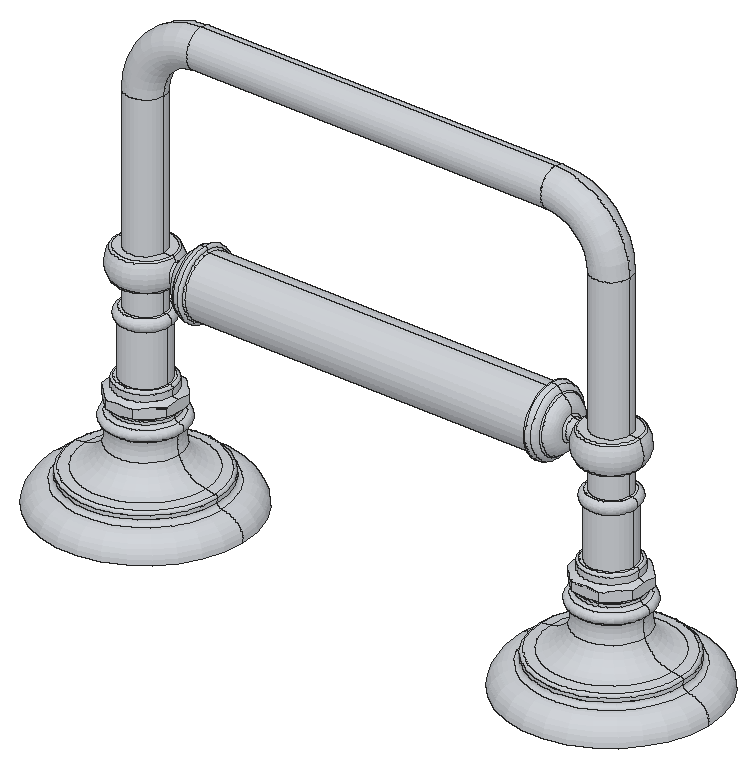
Revit family "Accessory-Tissue_Holder-KOHLER-Artifacts-K-72573", category Specialty Equipment, host Face, Revit 2015 (continued)
Definition of nested family "K-72573"
  Automatic sketch dimensions
    plane 6 to curve 37 = 0.30901"
    curve 38 to curve 38 = 0.128"
    curve 37 to curve 6 = 0.06183"
    curve 2 to curve 12 = 0.15812"
    curve 1 to curve 12 = 0.15812"
    curve 38 to curve 7 = 0.10615"
    curve 6 to curve 37 = 0.06616"
    curve 7 to curve 38 = 0.02185"
    curve 7 to curve 8 = 0.02663"
    curve 8 to curve 9 = 0.03062"
    curve 12 to curve 13 = 0.12953"
    curve 13 to curve 14 = 0.13774"
    curve 14 to curve 15 = 0.15454"
    curve 10 to plane 10 = 0.38101"
    curve 10 to curve 11 = 0.0947"
    curve 26 to plane 12 = 0.28631"
    curve 26 to curve 25 = 0.0947"
    curve 30 to plane 12 = 0.4826"
    curve 30 to curve 29 = 0.15454"
    curve 29 to curve 28 = 0.13774"
    curve 24 to curve 40 = 0.2914"
    curve 24 to curve 23 = 0.03062"
    curve 23 to curve 40 = 0.00478"
    curve 39 to curve 40 = 0"
    curve 40 to curve 22 = 0.02185"
    curve 28 to curve 27 = 0.1294"
    curve 28 to curve 27 = 0.12953"
    curve 39 to curve 21 = 0.06616"
    curve 21 to curve 39 = 0.06183"
    curve 22 to curve 40 = 0.10615"
    curve 21 to curve 20 = 0.06824"
    curve 40 to curve 19 = 0.0064"
    curve 27 to curve 17 = 0.15824"
    curve 19 to curve 18 = 0.05264"
    curve 27 to curve 16 = 0.15812"
    curve 17 to plane 5 = 0.24996"
    curve 18 to plane 5 = 0.24996"
    curve 16 to plane 5 = 0.24996"
    curve 18 to curve 19 = 0.05264"
    curve 42 to curve 20 = 0.12159"
    curve 45 to plane 5 = 0.30901"
    curve 19 to curve 46 = 0.0064"
    curve 45 to curve 21 = 0.06183"
    curve 46 to curve 22 = 0.10615"
    curve 21 to curve 45 = 0.06616"
    curve 22 to curve 46 = 0.02185"
    curve 22 to curve 23 = 0.02663"
    curve 23 to curve 24 = 0.03062"
    curve 25 to plane 11 = 0.38101"
    curve 25 to curve 26 = 0.0947"
    level to curve 10 = 0.44613"
    level to curve 25 = 0.44613"
    curve 11 to curve 10 = 0.15031"
    curve 26 to curve 25 = 0.15031"
    curve 31 to curve 34 = 0"
    curve 37 to curve 34 = 0"
    curve 39 to curve 42 = 0"
    curve 45 to curve 42 = 0"
    curve 24 to curve 40 = 0.26012"
    curve 9 to curve 32 = 0.26012"
    curve 24 to curve 23 = 0.1147"
    curve 9 to curve 8 = 0.1147"
    curve 7 to curve 38 = 0.0334"
    curve 22 to curve 46 = 0.0334"
    curve 22 to curve 40 = 0.01262"
    curve 22 to curve 46 = 0.01262"
    curve 7 to curve 38 = 0.01262"
    curve 7 to curve 32 = 0.01262"
    curve 31 to curve 31 = 0.01756"
    curve 37 to curve 37 = 0.01756"
    curve 39 to curve 39 = 0.01756"
    curve 45 to curve 45 = 0.01756"
    curve 39 to curve 21 = 0.03227"
    curve 37 to curve 6 = 0.03227"
    curve 6 to curve 5 = 0.11707"
    curve 21 to curve 20 = 0.11707"
    curve 32 to curve 35 = 0"
    curve 46 to curve 43 = 0"
    curve 40 to curve 43 = 0"
    curve 38 to curve 35 = 0"
    curve 38 to curve 4 = 0.17833"
    curve 40 to curve 19 = 0.17833"
    curve 4 to curve 3 = 0.15043"
    curve 19 to curve 18 = 0.15043"
    curve 3 to curve 15 = 0.12436"
    curve 18 to curve 30 = 0.12436"
    curve 15 to curve 14 = 0.04159"
    curve 30 to curve 29 = 0.04159"
    curve 18 to curve 17 = 0.35144"
    curve 3 to curve 2 = 0.35144"
    curve 14 to curve 13 = 0.21004"
    curve 29 to curve 28 = 0.21004"
    curve 13 to curve 12 = 0.03382"
    curve 28 to curve 27 = 0.0348"
    curve 12 to curve 13 = 0.03382"
    curve 27 to curve 28 = 0.03382"
    curve 27 to curve 16 = 0.05836"
    curve 2 to curve 1 = 0.37712"
    curve 28 to curve 29 = 0.21004"
    curve 13 to curve 14 = 0.21004"
    curve 14 to curve 15 = 0.04159"
    curve 29 to curve 30 = 0.04159"
    plane 9 to Revolve 1 sketch curve = 0"
    Revolve 1 sketch curve to level = 0"
    Revolve 1 sketch curve to plane 6 = 0"
    Revolve 1 sketch curve to plane 9 = 0.28423"
    Revolve 1 sketch curve to plane 9 = 0.29598"
    Revolve 1 sketch curve to Revolve 1 sketch curve = 0.06371"
    Revolve 1 sketch curve to Revolve 1 sketch curve = 0.03936"
    Revolve 1 sketch curve to plane 9 = 0.43721"
    Revolve 1 sketch curve to Revolve 1 sketch curve = 0.0876"
    Revolve 1 sketch curve to Revolve 1 sketch curve = 0.21459"
    Revolve 1 sketch curve to Revolve 1 sketch curve = 0.30013"
    Revolve 1 sketch curve to Revolve 1 sketch curve = 0.03867"
    Revolve 1 sketch curve to Revolve 1 sketch curve = 0.01218"
    Revolve 1 sketch curve to Revolve 1 sketch curve = 0.00865"
    Revolve 1 sketch curve to Revolve 1 sketch curve = 0.0129"
    Revolve 1 sketch curve to Revolve 1 sketch curve = 11/256"
    Revolve 1 sketch curve to Revolve 1 sketch curve = 0.04431"
    Revolve 1 sketch curve to plane 6 = 0.35791"
    Revolve 1 sketch curve to Revolve 1 sketch curve = 0.00291"
    Revolve 1 sketch curve to Revolve 1 sketch curve = 0.03197"
    Revolve 1 sketch curve to Revolve 1 sketch curve = 0.03626"
    Revolve 1 sketch curve to Revolve 1 sketch curve = 0.01287"
    Revolve 1 sketch curve to Revolve 1 sketch curve = 0.03681"
    Revolve 1 sketch curve to Revolve 1 sketch curve = 0.03977"
    Revolve 1 sketch curve to plane 6 = 0.11545"
    Revolve 1 sketch curve to plane 3 "Center (Left/Right)" = 0.76328"
    Revolve 1 sketch curve to level = 19.89361"
    level to Revolve 1 sketch curve = 0.3595"
    Revolve 1 sketch curve to Revolve 1 sketch curve = 0.04778"
    Revolve 1 sketch curve to Revolve 1 sketch curve = 0.43263"
    Revolve 1 sketch curve to Revolve 1 sketch curve = 0.03243"
    Revolve 1 sketch curve to Revolve 1 sketch curve = 0.10655"
    Revolve 1 sketch curve to Revolve 1 sketch curve = 0.09067"
    Revolve 1 sketch curve to Revolve 1 sketch curve = 0.10221"
    Revolve 1 sketch curve to Revolve 1 sketch curve = 0.03754"
    Revolve 1 sketch curve to Revolve 1 sketch curve = 0.09119"
    Revolve 1 sketch curve to Revolve 1 sketch curve = 0.18983"
    Revolve 1 sketch curve to Revolve 1 sketch curve = 0.0851"
    Revolve 1 sketch curve to Revolve 1 sketch curve = 0.68254"
    Revolve 1 sketch curve to Revolve 1 sketch curve = 0.07262"
    Revolve 1 sketch curve to Revolve 1 sketch curve = 0.35144"
    Revolve 1 sketch curve to Revolve 1 sketch curve = 0.03691"
    Revolve 1 sketch curve to Revolve 1 sketch curve = 0.18842"
    Revolve 1 sketch curve to Revolve 1 sketch curve = 0.15745"
    Revolve 1 sketch curve to Revolve 1 sketch curve = 1/32"
    Revolve 1 sketch curve to Revolve 1 sketch curve = 0"  (x5)
    Revolve 1 sketch curve to Revolve 1 sketch curve = 0.01514"
    Revolve 1 sketch curve to Revolve 1 sketch curve = 0.18262"
    plane 1 "Center (Front/Back)" to Extrusion 2 sketch curve = 0"
    Extrusion 2 sketch curve to plane 6 = 0"
    Extrusion 2 sketch curve to plane 6 = 0.18101"  (x2)
    plane 1 "Center (Front/Back)" to Extrusion 2 sketch curve = 0.18101"  (x2)
    Extrusion 2 sketch curve to Extrusion 2 sketch curve = 0.25599"  (x3)
    plane 6 to Extrusion 2 sketch curve = 0.18101"  (x2)
    Extrusion 2 sketch curve to plane 1 "Center (Front/Back)" = 0.18101"  (x2)
    plane 1 "Center (Front/Back)" to Extrusion 2 sketch curve = 0.43701"
    Revolve 3 sketch curve to plane 6 = 0"
    plane 13 to Revolve 3 sketch curve = 0.34148"
    plane 13 to Revolve 3 sketch curve = 0.20748"
    plane 13 to Revolve 3 sketch curve = 0.12918"
    plane 13 to Revolve 3 sketch curve = 0.08355"
    plane 13 to Revolve 3 sketch curve = 0.04796"
    plane 13 to Revolve 3 sketch curve = 0.00674"
    plane 14 to Revolve 3 sketch curve = 0.00674"
    plane 14 to Revolve 3 sketch curve = 0.04796"
    Revolve 3 sketch curve to Revolve 3 sketch curve = 0.03559"
    Revolve 3 sketch curve to Revolve 3 sketch curve = 0.12244"
    Revolve 3 sketch curve to Revolve 3 sketch curve = 0.12393"
    Revolve 3 sketch curve to Revolve 3 sketch curve = 0.21231"
    level to Revolve 3 sketch curve = 2.9274"
    Revolve 3 sketch curve to Revolve 3 sketch curve = 0.1302"  (x2)
    Revolve 3 sketch curve to Revolve 3 sketch curve = 0.01609"  (x2)
    Revolve 3 sketch curve to Revolve 3 sketch curve = 0.03091"  (x2)
    Revolve 3 sketch curve to Revolve 3 sketch curve = 0.0349"  (x2)
    Revolve 3 sketch curve to Revolve 3 sketch curve = 0.16364"  (x2)
    Revolve 3 sketch curve to Revolve 3 sketch curve = 0.04052"  (x2)
    Revolve 3 sketch curve to Revolve 3 sketch curve = 0.04929"
    Revolve 3 sketch curve to Revolve 3 sketch curve = 0.01865"  (x2)
    Revolve 3 sketch curve to Revolve 3 sketch curve = 0.00751"  (x2)
    plane 6 to Revolve 3 sketch curve = 1/4"
    Revolve 3 sketch curve to Revolve 3 sketch curve = 0"  (x11)
    Sweep 4 sketch curve to plane 10 = 0.5627"
    Sweep 4 sketch curve to plane 10 = 9/16"
    Sweep 4 sketch curve to plane 12 = 9/16"
    Sweep 4 sketch curve to plane 12 = 0.5627"
    Sweep 4 sketch curve to Sweep 4 sketch curve = 1.89971"  (x2)
    plane 1 "Center (Front/Back)" to Sweep 4 sketch curve = 0"
    Sweep 4 sketch curve to profile plane = 0"
    plane 1 "Center (Front/Back)" to Extrusion 5 sketch curve = 0"
    Extrusion 5 sketch curve to plane 5 = 0"
    plane 5 to Extrusion 5 sketch curve = 0.18101"  (x2)
    Extrusion 5 sketch curve to plane 1 "Center (Front/Back)" = 0.18101"  (x2)
    Extrusion 5 sketch curve to Extrusion 5 sketch curve = 0.25599"  (x3)
    Extrusion 5 sketch curve to plane 5 = 0.18101"  (x2)
    plane 1 "Center (Front/Back)" to Extrusion 5 sketch curve = 0.18101"  (x2)
    Extrusion 5 sketch curve to plane 1 "Center (Front/Back)" = 0.43701"
    Revolve 6 sketch curve to plane 11 = 0"
    Revolve 6 sketch curve to level = 0"
    plane 5 to Revolve 6 sketch curve = 0"
    plane 11 to Revolve 6 sketch curve = 0.28423"
    Revolve 6 sketch curve to Revolve 6 sketch curve = 0.29598"
    Revolve 6 sketch curve to Revolve 6 sketch curve = 0.06371"
    Revolve 6 sketch curve to Revolve 6 sketch curve = 0.03936"
    plane 11 to Revolve 6 sketch curve = 0.43721"
    Revolve 6 sketch curve to Revolve 6 sketch curve = 0.0876"
    Revolve 6 sketch curve to Revolve 6 sketch curve = 0.21459"
    Revolve 6 sketch curve to Revolve 6 sketch curve = 0.30013"
    Revolve 6 sketch curve to Revolve 6 sketch curve = 0.03867"
    Revolve 6 sketch curve to Revolve 6 sketch curve = 0.01218"
    Revolve 6 sketch curve to Revolve 6 sketch curve = 0.00865"
    Revolve 6 sketch curve to Revolve 6 sketch curve = 0.0129"
    Revolve 6 sketch curve to Revolve 6 sketch curve = 11/256"
    Revolve 6 sketch curve to Revolve 6 sketch curve = 0.04431"
    plane 5 to Revolve 6 sketch curve = 0.35791"
    Revolve 6 sketch curve to Revolve 6 sketch curve = 0.00291"
    Revolve 6 sketch curve to Revolve 6 sketch curve = 0.03197"
    Revolve 6 sketch curve to Revolve 6 sketch curve = 0.03626"
    Revolve 6 sketch curve to Revolve 6 sketch curve = 0.01287"
    Revolve 6 sketch curve to Revolve 6 sketch curve = 0.02394"
    Revolve 6 sketch curve to Revolve 6 sketch curve = 0.03977"
    plane 5 to Revolve 6 sketch curve = 0.11545"
    Revolve 6 sketch curve to plane 3 "Center (Left/Right)" = 0.76328"
    level to Revolve 6 sketch curve = 19.89361"
    Revolve 6 sketch curve to level = 0.3595"
    Revolve 6 sketch curve to Revolve 6 sketch curve = 0.04778"
    Revolve 6 sketch curve to Revolve 6 sketch curve = 0.43263"
    Revolve 6 sketch curve to Revolve 6 sketch curve = 0.03243"
    Revolve 6 sketch curve to Revolve 6 sketch curve = 0.10655"
    Revolve 6 sketch curve to Revolve 6 sketch curve = 0.09067"
    Revolve 6 sketch curve to Revolve 6 sketch curve = 0.10221"
    Revolve 6 sketch curve to Revolve 6 sketch curve = 0.03754"
    Revolve 6 sketch curve to Revolve 6 sketch curve = 0.09119"
    Revolve 6 sketch curve to Revolve 6 sketch curve = 0.18983"
    Revolve 6 sketch curve to Revolve 6 sketch curve = 0.0851"
    Revolve 6 sketch curve to Revolve 6 sketch curve = 0.68254"
    Revolve 6 sketch curve to Revolve 6 sketch curve = 0.07262"
    Revolve 6 sketch curve to Revolve 6 sketch curve = 0.35144"
    Revolve 6 sketch curve to Revolve 6 sketch curve = 0.03691"
    Revolve 6 sketch curve to Revolve 6 sketch curve = 0.18842"
    Revolve 6 sketch curve to Revolve 6 sketch curve = 0.15745"
    Revolve 6 sketch curve to Revolve 6 sketch curve = 1/32"
    Revolve 6 sketch curve to Revolve 6 sketch curve = 0"  (x5)
    Revolve 6 sketch curve to Revolve 6 sketch curve = 0.01514"
    Revolve 6 sketch curve to Revolve 6 sketch curve = 0.18262"
    Masking region 1 sketch curve to level = 0"  (x2)
    plane 9 to Masking region 1 sketch curve = 0"
    Masking region 1 sketch curve to plane 6 = 0"
    Masking region 1 sketch curve to plane 4 = 0"
    Masking region 1 sketch curve to plane 10 = 0"
    plane 12 to Masking region 1 sketch curve = 0"
    plane 5 to Masking region 1 sketch curve = 0"
    Masking region 1 sketch curve to plane 11 = 0"
    plane 9 to Masking region 1 sketch curve = 1.04922"
    Masking region 1 sketch curve to plane 9 = 0.28423"
    Masking region 1 sketch curve to plane 9 = 0.29598"
    Masking region 1 sketch curve to Masking region 1 sketch curve = 0.06371"  (x4)
    Masking region 1 sketch curve to Masking region 1 sketch curve = 0.03936"  (x4)
    Masking region 1 sketch curve to plane 9 = 0.43721"
    Masking region 1 sketch curve to Masking region 1 sketch curve = 0.0876"  (x4)
    Masking region 1 sketch curve to Masking region 1 sketch curve = 0.30013"  (x4)
    Masking region 1 sketch curve to Masking region 1 sketch curve = 0.03867"  (x4)
    Masking region 1 sketch curve to Masking region 1 sketch curve = 0.01188"  (x2)
    Masking region 1 sketch curve to Masking region 1 sketch curve = 0.0003"  (x2)
    Masking region 1 sketch curve to Masking region 1 sketch curve = 0.00097"  (x4)
    Masking region 1 sketch curve to Masking region 1 sketch curve = 0.03076"  (x3)
    Masking region 1 sketch curve to Masking region 1 sketch curve = 11/256"
    Masking region 1 sketch curve to Masking region 1 sketch curve = 0.06616"  (x3)
    Masking region 1 sketch curve to plane 6 = 0.35791"
    Masking region 1 sketch curve to Masking region 1 sketch curve = 0.00291"
    Masking region 1 sketch curve to Masking region 1 sketch curve = 0.03197"  (x4)
    Masking region 1 sketch curve to Masking region 1 sketch curve = 0.03626"  (x3)
    Masking region 1 sketch curve to Masking region 1 sketch curve = 0.01287"  (x2)
    Masking region 1 sketch curve to Masking region 1 sketch curve = 0.03681"  (x2)
    Masking region 1 sketch curve to Masking region 1 sketch curve = 0.10794"  (x4)
    Masking region 1 sketch curve to Masking region 1 sketch curve = 0.03977"  (x3)
    Masking region 1 sketch curve to plane 6 = 0.11545"
    plane 6 to Masking region 1 sketch curve = 0.11545"
    Masking region 1 sketch curve to Masking region 1 sketch curve = 0"  (x48)
    Masking region 1 sketch curve to Masking region 1 sketch curve = 0.13452"  (x3)
    plane 6 to Masking region 1 sketch curve = 0.24996"
    Masking region 1 sketch curve to Masking region 1 sketch curve = 0.01583"  (x2)
    plane 6 to Masking region 1 sketch curve = 0.30261"
    Masking region 1 sketch curve to Masking region 1 sketch curve = 0.10503"  (x3)
    Masking region 1 sketch curve to Masking region 1 sketch curve = 0.02289"  (x2)
    Masking region 1 sketch curve to Masking region 1 sketch curve = 0.01252"  (x3)
    Masking region 1 sketch curve to Masking region 1 sketch curve = 0.05017"  (x2)
    Masking region 1 sketch curve to Masking region 1 sketch curve = 0.05309"  (x2)
    Masking region 1 sketch curve to Masking region 1 sketch curve = 0.02948"  (x2)
    Masking region 1 sketch curve to Masking region 1 sketch curve = 0.01218"  (x2)
    Masking region 1 sketch curve to Masking region 1 sketch curve = 0.09876"  (x4)
    Masking region 1 sketch curve to Masking region 1 sketch curve = 0.134"  (x2)
    Masking region 1 sketch curve to Masking region 1 sketch curve = 0.21231"  (x4)
    Masking region 1 sketch curve to plane 10 = 0.56254"
    Masking region 1 sketch curve to Masking region 1 sketch curve = 0.00007"  (x2)
    Masking region 1 sketch curve to Masking region 1 sketch curve = 0.12393"  (x4)
    Masking region 1 sketch curve to Masking region 1 sketch curve = 0.03559"  (x4)
    Masking region 1 sketch curve to Masking region 1 sketch curve = 0.12244"  (x4)
    Masking region 1 sketch curve to Masking region 1 sketch curve = 0.04796"  (x4)
    Masking region 1 sketch curve to plane 10 = 0.3873"
    Masking region 1 sketch curve to Masking region 1 sketch curve = 0.29598"  (x3)
    Masking region 1 sketch curve to plane 3 "Center (Left/Right)" = 0.76328"
    plane 3 "Center (Left/Right)" to Masking region 1 sketch curve = 0.76328"
    Masking region 1 sketch curve to plane 12 = 0.28423"
    Masking region 1 sketch curve to plane 12 = 0.43721"
    Masking region 1 sketch curve to plane 12 = 0.46418"  (x2)
    Masking region 1 sketch curve to Masking region 1 sketch curve = 0.00674"  (x2)
    Masking region 1 sketch curve to plane 12 = 0.56246"
    plane 5 to Masking region 1 sketch curve = 0.30261"
    plane 5 to Masking region 1 sketch curve = 0.11545"
    Masking region 1 sketch curve to plane 5 = 0.11545"
    Masking region 1 sketch curve to plane 5 = 0.30261"
    Masking region 1 sketch curve to plane 11 = 0.3873"
    plane 11 to Masking region 1 sketch curve = 1.04922"
    Masking region 1 sketch curve to level = 19.89361"
    level to Masking region 1 sketch curve = 0.3595"  (x4)
    Masking region 1 sketch curve to Masking region 1 sketch curve = 0.04778"  (x4)
    Masking region 1 sketch curve to Masking region 1 sketch curve = 0.43263"  (x4)
    Masking region 1 sketch curve to Masking region 1 sketch curve = 0.03243"  (x4)
    Masking region 1 sketch curve to Masking region 1 sketch curve = 0.10655"  (x4)
    Masking region 1 sketch curve to Masking region 1 sketch curve = 0.09067"  (x4)
    Masking region 1 sketch curve to Masking region 1 sketch curve = 0.10221"  (x4)
    Masking region 1 sketch curve to Masking region 1 sketch curve = 0.03413"  (x4)
    Masking region 1 sketch curve to Masking region 1 sketch curve = 0.01792"  (x4)
    Masking region 1 sketch curve to Masking region 1 sketch curve = 0.14495"  (x4)
    Masking region 1 sketch curve to Masking region 1 sketch curve = 0.03227"  (x4)
    Masking region 1 sketch curve to Masking region 1 sketch curve = 0.0851"  (x4)
    Masking region 1 sketch curve to Masking region 1 sketch curve = 0.68254"  (x2)
    Masking region 1 sketch curve to Masking region 1 sketch curve = 0.07262"  (x4)
    Masking region 1 sketch curve to Masking region 1 sketch curve = 0.11973"  (x2)
    Masking region 1 sketch curve to Masking region 1 sketch curve = 0.00751"  (x4)
    Masking region 1 sketch curve to Masking region 1 sketch curve = 0.01865"  (x3)
    Masking region 1 sketch curve to Masking region 1 sketch curve = 0.03493"  (x2)
    Masking region 1 sketch curve to Masking region 1 sketch curve = 0.07545"  (x2)
    Masking region 1 sketch curve to Masking region 1 sketch curve = 0.35144"  (x3)
    Masking region 1 sketch curve to Masking region 1 sketch curve = 0.19677"
    Masking region 1 sketch curve to Masking region 1 sketch curve = 0.16364"  (x4)
    Masking region 1 sketch curve to Masking region 1 sketch curve = 0.02745"  (x2)
    Masking region 1 sketch curve to Masking region 1 sketch curve = 0.03691"  (x4)
    Masking region 1 sketch curve to Masking region 1 sketch curve = 0.0349"  (x4)
    Masking region 1 sketch curve to Masking region 1 sketch curve = 0.02145"  (x2)
    Masking region 1 sketch curve to Masking region 1 sketch curve = 0.18842"  (x2)
    Masking region 1 sketch curve to Masking region 1 sketch curve = 0.00028"  (x2)
    Masking region 1 sketch curve to Masking region 1 sketch curve = 0.26039"  (x2)
    Masking region 1 sketch curve to Masking region 1 sketch curve = 0.29257"  (x2)
    Masking region 1 sketch curve to Masking region 1 sketch curve = 0.02711"  (x2)
    Masking region 1 sketch curve to Masking region 1 sketch curve = 0.15745"  (x2)
    Masking region 1 sketch curve to Masking region 1 sketch curve = 0.03091"  (x2)
    Masking region 1 sketch curve to Masking region 1 sketch curve = 1/32"  (x4)
    Masking region 1 sketch curve to Masking region 1 sketch curve = 0.04052"  (x2)
    Masking region 1 sketch curve to Masking region 1 sketch curve = 0.04929"
    Masking region 1 sketch curve to Masking region 1 sketch curve = 0.01514"  (x2)
    Masking region 1 sketch curve to Masking region 1 sketch curve = 0.02124"  (x2)
    plane 1 "Center (Front/Back)" to Masking region 2 sketch curve = 0"  (x2)
    Masking region 2 sketch curve to plane 6 = 0"
    Masking region 2 sketch curve to plane 5 = 0"
    Masking region 2 sketch curve to plane 10 = 0.06057"  (x2)
    Masking region 2 sketch curve to plane 12 = 0.06057"
    plane 1 "Center (Front/Back)" to Masking region 2 sketch curve = 0.39411"
    Masking region 3 sketch curve to Masking region 3 sketch curve = 0"  (x12)
    Masking region 3 sketch curve to level = 0"
    Masking region 3 sketch curve to plane 8 = 0"
    Masking region 3 sketch curve to plane 1 "Center (Front/Back)" = 0"  (x3)
    Masking region 3 sketch curve to plane 7 = 0"
    plane 8 to Masking region 3 sketch curve = 1.04922"
    Masking region 3 sketch curve to plane 8 = 0.28423"
    Masking region 3 sketch curve to plane 8 = 0.29598"
    Masking region 3 sketch curve to Masking region 3 sketch curve = 0.06371"  (x2)
    Masking region 3 sketch curve to Masking region 3 sketch curve = 0.03936"  (x2)
    Masking region 3 sketch curve to plane 8 = 0.43721"
    Masking region 3 sketch curve to Masking region 3 sketch curve = 0.0876"  (x2)
    Masking region 3 sketch curve to Masking region 3 sketch curve = 0.30013"  (x2)
    Masking region 3 sketch curve to Masking region 3 sketch curve = 0.03867"  (x2)
    Masking region 3 sketch curve to Masking region 3 sketch curve = 0.01188"
    Masking region 3 sketch curve to Masking region 3 sketch curve = 0.0003"
    Masking region 3 sketch curve to Masking region 3 sketch curve = 0.00097"  (x2)
    Masking region 3 sketch curve to Masking region 3 sketch curve = 0.03076"
    Masking region 3 sketch curve to Masking region 3 sketch curve = 11/256"
    Masking region 3 sketch curve to Masking region 3 sketch curve = 0.06616"  (x2)
    Masking region 3 sketch curve to Masking region 3 sketch curve = 0.03197"  (x2)
    Masking region 3 sketch curve to Masking region 3 sketch curve = 0.03626"  (x2)
    Masking region 3 sketch curve to Masking region 3 sketch curve = 0.01287"
    Masking region 3 sketch curve to Masking region 3 sketch curve = 0.03681"
    Masking region 3 sketch curve to Masking region 3 sketch curve = 0.03977"  (x2)
    plane 1 "Center (Front/Back)" to Masking region 3 sketch curve = 0.24996"
    Masking region 3 sketch curve to plane 4 = 0.22785"
    Masking region 3 sketch curve to plane 1 "Center (Front/Back)" = 0.24996"  (x2)
    Masking region 3 sketch curve to Masking region 3 sketch curve = 0.01583"
    Masking region 3 sketch curve to plane 1 "Center (Front/Back)" = 0.30261"
    Masking region 3 sketch curve to Masking region 3 sketch curve = 0.02289"
    Masking region 3 sketch curve to Masking region 3 sketch curve = 0.01252"
    Masking region 3 sketch curve to Masking region 3 sketch curve = 0.042"
    Masking region 3 sketch curve to Masking region 3 sketch curve = 0.01218"
    Masking region 3 sketch curve to plane 7 = 0.3873"
    Masking region 3 sketch curve to plane 7 = 0.29598"
    plane 7 to Masking region 3 sketch curve = 1.04922"
    Masking region 3 sketch curve to level = 19.89361"
    level to Masking region 3 sketch curve = 0.3595"  (x2)
    Masking region 3 sketch curve to Masking region 3 sketch curve = 0.04778"  (x2)
    Masking region 3 sketch curve to Masking region 3 sketch curve = 0.43263"  (x2)
    Masking region 3 sketch curve to Masking region 3 sketch curve = 0.03243"  (x2)
    Masking region 3 sketch curve to Masking region 3 sketch curve = 0.10655"  (x2)
    Masking region 3 sketch curve to Masking region 3 sketch curve = 0.09067"  (x2)
    Masking region 3 sketch curve to Masking region 3 sketch curve = 0.10221"  (x2)
    Masking region 3 sketch curve to Masking region 3 sketch curve = 0.03413"  (x2)
    Masking region 3 sketch curve to Masking region 3 sketch curve = 0.01792"  (x2)
    Masking region 3 sketch curve to Masking region 3 sketch curve = 0.14495"  (x2)
    Masking region 3 sketch curve to Masking region 3 sketch curve = 0.03227"  (x2)
    Masking region 3 sketch curve to Masking region 3 sketch curve = 0.0851"  (x2)
    Masking region 3 sketch curve to Masking region 3 sketch curve = 0.68254"
    Masking region 3 sketch curve to Masking region 3 sketch curve = 0.07262"  (x2)
    Masking region 3 sketch curve to Masking region 3 sketch curve = 0.16643"  (x2)
    Masking region 3 sketch curve to Masking region 3 sketch curve = 0.37357"
    Masking region 3 sketch curve to Masking region 3 sketch curve = 0.02319"
    Masking region 3 sketch curve to Masking region 3 sketch curve = 0.01514"
    Masking region 3 sketch curve to Masking region 3 sketch curve = 0.02124"
    Extrusion 7 sketch curve to plane 4 = 0"
    Extrusion 7 sketch curve to plane 6 = 0.50683"
    plane 6 to Extrusion 7 sketch curve = 0.50683"  (x2)
    plane 5 to Extrusion 7 sketch curve = 0.50683"  (x2)
    Extrusion 7 sketch curve to plane 5 = 0.50683"
    Extrusion 7 sketch curve to plane 4 = 1/2"
    Extrusion 7 sketch curve to Extrusion 7 sketch curve = 2.12278"
    Extrusion 7 sketch curve to Extrusion 7 sketch curve = 0.89997"
    level to Extrusion 7 sketch curve = 1.09143"  (x2)
    Revolve 8 sketch curve to level = 0"  (x2)
    plane 9 to Revolve 8 sketch curve = 0"
    Revolve 8 sketch curve to plane 6 = 0"  (x2)
    Revolve 8 sketch curve to plane 6 = 0.50683"
    level to Revolve 8 sketch curve = 1.09143"
    Revolve 8 sketch curve to Revolve 8 sketch curve = 1/4"
    Revolve 9 sketch curve to level = 0"  (x2)
    Revolve 9 sketch curve to plane 11 = 0"
    plane 5 to Revolve 9 sketch curve = 0"  (x2)
    plane 5 to Revolve 9 sketch curve = 0.50683"
    Revolve 9 sketch curve to level = 1.09143"
    Revolve 9 sketch curve to Revolve 9 sketch curve = 1/4"
    radius of Extrusion 2 sketch curve = 0.63543"
    radius of Sweep 4 sketch curve = 0.24996"
    radius of Extrusion 5 sketch curve = 0.63543"
Types (7): name | Type | Model | Finish
  (no name) | 1 | "K-72573-CP" | Kohler-Metal-CP-Polished_Chrome
  CP-Polished Chrome | 1 | "K-72573-CP" | Kohler-Metal-CP-Polished_Chrome
  SN-Vibrant Polished Nickel | 2 | "K-72573-SN" | Kohler-Metal-SN-Vibrant_Polished_Nickel
  BN-Vibrant Brushed Nickel | 3 | "K-72573-BN" | Kohler-Metal-BN-Vibrant_Brushed_Nickel
  BV-Vibrant Brushed Bronze | 4 | "K-72573-BV" | Kohler-Metal-BV-Brushed_Bronze
  2BZ-Oil Rubbed Bronze | 5 | "K-72573-2BZ" | Kohler-Metal-2BZ-Oil_Rubbed_Bronze
  VNT-Vintage Nickel | 6 | "K-72573-VNT" | Kohler-Metal-VNT-Vintage_Nickel
